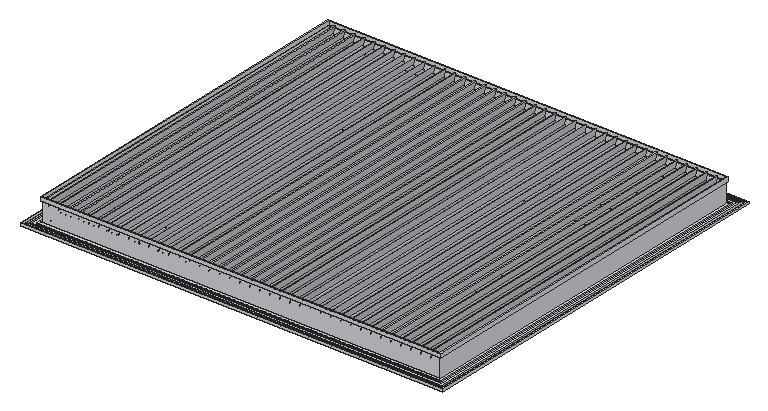
Revit family "TCC", category Air Terminals, Revit 2012
Parameters (values of type "TCC-30-27")
  b = Horizontal - 9/16"  # 29 7/16"
  a = Vertical - 9/16"  # 26 7/16"
  Vertical = 27"
  URL = "http://www.innes.com.mx"
  Separacion vertical = 3/4"
  Separacion = 31/64"
  No. de elementos vertical = Largo aleta / Separacion vertical  # 39
  No. de elementos horizontales = Largo rejilla / Separacion  # 54
  Mínima velocidad de cuello = 0 FPM
  Mínima presión estática = 0.00 in-wg
  Máximo nivel de ruido (NC) = ""
  Máxima velocidad de cuello = 0 FPM
  Máxima presión estática = 0.00 in-wg
  Material = ""
  Manufacturer = "INNES"
  Largo rejilla = a - 11/32"  # 26 3/32"
  Largo aleta = b - 17/32"  # 28 29/32"
  Horizontal = 30"
  Cuello = ""
  B = Horizontal + 1 7/16"  # 31 7/16"
  A = Vertical + 1 7/16"  # 28 7/16"
Types (5): name | b | a | Vertical | No. de elementos vertical | No. de elementos horizontales | Largo rejilla | Largo aleta | Horizontal | B | A
  (no name) | 29 7/16" | 26 7/16" | 27" | 39 | 54 | 26 3/32" | 28 29/32" | 30" | 31 7/16" | 28 7/16"
  TCC-10-7 | 9 7/16" | 6 7/16" | 7" | 12 | 13 | 6 3/32" | 8 29/32" | 10" | 11 7/16" | 8 7/16"
  TCC-20-10 | 19 7/16" | 9 7/16" | 10" | 25 | 19 | 9 3/32" | 18 29/32" | 20" | 21 7/16" | 11 7/16"
  TCC-120-12 | 119 7/16" | 11 7/16" | 12" | 159 | 23 | 11 3/32" | 118 29/32" | 120" | 121 7/16" | 13 7/16"
  TCC-30-27 | 29 7/16" | 26 7/16" | 27" | 39 | 54 | 26 3/32" | 28 29/32" | 30" | 31 7/16" | 28 7/16"
Reference planes (in)
  plane 1 "Center (Front/Back)": y = 0
  plane 2: z = 0
  plane 3 "Center (Left/Right)": x = 0
  plane 4: y = 13.5
  plane 5: y = -13.5
  plane 6: x = -15
  plane 7: x = 15
  plane 8: x = 15.71875
  plane 9: x = -15.71875
  plane 10: y = -14.21875
  plane 11: y = 14.21875
  plane 12: x = -14.71875
  plane 13: x = 14.71875
  plane 14: y = 13.21875
  plane 15: y = -13.21875
  plane 16: z = 1.875
  plane 17: z = 0.17187
  plane 18: z = 1.625
  plane 19: y = 13.39062
  plane 20: y = 13.04687
  plane 21: y = -13.04688
  plane 22: x = -14.45312
  plane 23: z = 1.14062
  plane 24: x = 14.45313
Forms (in)
  Sweep 1, solid
    path origin (0, 0, 0) x (1, 0, 0) y (0, 1, 0)
      loop
        line (-15, 13.5) -> (-15, -13.5) -> (15, -13.5) -> (15, 13.5) -> (-15, 13.5)
    profile origin (0, 13.5, 0) x (0, 1, 0) y (0, 0, 1)
      loop
        line (-0.28125, 0) -> (0.71875, 0) -> (0.71875, 0.17188) -> (0.65625, 0.17188) -> (0.65625, 0.0625) -> (0.58658, 0.0625)
        arc (0.58658, 0.0625) -> (0.56976, 0.07932) -> (0.55294, 0.0625) r 0.01682
        line (0.55294, 0.0625) -> (0.44963, 0.0625) -> (0.44963, 0.16077) -> (0.32009, 0.16077) -> (0.32009, 0.09884) -> (0.39809, 0.09884) -> (0.39809, 0.0625) -> (-0.05784, 0.0625) -> (-0.05784, 0.09884) -> (0.02017, 0.09884) -> (0.02017, 0.16077) -> (-0.10938, 0.16077) -> (-0.10938, 0.0625) -> (-0.21875, 0.0625) -> (-0.21875, 1.5625) -> (-0.10938, 1.5625) -> (-0.10938, 1.875) -> (-0.17188, 1.875) -> (-0.17188, 1.625) -> (-0.28125, 1.625) -> (-0.28125, 0)
Dimensions and locks (in)
  equal spacing: plane 6, plane 3 "Center (Left/Right)", plane 7
  equal spacing: plane 4, plane 1 "Center (Front/Back)", plane 5
  "Horizontal": plane 6 to plane 7
  "Vertical": plane 4 to plane 5
  equal spacing: plane 9, plane 3 "Center (Left/Right)", plane 8
  "B": plane 9 to plane 8
  equal spacing: plane 11, plane 1 "Center (Front/Back)", plane 10
  "A": plane 11 to plane 10
  equal spacing: plane 14, plane 1 "Center (Front/Back)", plane 15
  "a": plane 14 to plane 15
  equal spacing: plane 12, plane 3 "Center (Left/Right)", plane 13
  "b": plane 12 to plane 13
  locked: plane 16 to level at 1.875
  locked: plane 17 to level at 0.17188
  plane 16 to plane 18 = 1/4"
  locked: plane 19 to plane 14 at 0.17188
  equal spacing: group 1, group 2, group 3, group 4, group 5, group 6, group 7, group 8, group 9, group 10, group 11, group 12, group 25, group 26, group 27, group 28, group 29, group 30, group 31, group 45, group 46, group 47, group 48, group 63, group 64, group 65, group 66, group 67, group 68, group 69, group 70, group 71, group 72, group 73, group 74, group 75, group 76, group 77, group 78, group 79, group 80, group 81, group 82, group 83, group 84, group 85, group 86, group 87, group 88, group 89, group 90, group 91, group 92, group 93  (x2)
  equal spacing: group 93, group 92, group 91, group 90, group 89, group 88, group 87, group 86, group 85, group 84, group 83, group 82, group 81, group 80, group 79, group 78, group 77, group 76, group 75, group 74, group 73, group 72, group 71, group 70, group 69, group 68, group 67, group 66, group 65, group 64, group 63, group 48, group 47, group 46, group 45, group 31, group 30, group 29, group 28, group 27, group 26, group 25, group 12, group 11, group 10, group 9, group 8, group 7, group 6, group 5, group 4, group 3, group 2, group 1
  equal spacing: plane 20, plane 1 "Center (Front/Back)", plane 21
  "Largo rejilla": plane 20 to plane 21
  locked: plane 23 to level at 1.14063
  equal spacing: group 13, group 14, group 15, group 16, group 17, group 18, group 19, group 20, group 21, group 22, group 23, group 24, group 32, group 33, group 34, group 35, group 36, group 37, group 38, group 39, group 40, group 41, group 42, group 43, group 44, group 49, group 50, group 51, group 52, group 53, group 54, group 55, group 56, group 57, group 58, group 59, group 60, group 61, group 62  (x3)
  "Separacion vertical": nested 14 to nested 13
  equal spacing: plane 24, plane 3 "Center (Left/Right)", plane 22
  "Largo aleta": plane 24 to plane 22
  "Separacion": nested 1 to nested 2
  aligned and locked: plane 2 to level
  aligned and locked: Sweep 1 sketch curve to plane 4
  aligned and locked: plane 6 to Sweep 1 sketch curve
  aligned and locked: plane 5 to Sweep 1 sketch curve
  aligned and locked: Sweep 1 sketch curve to plane 7
  aligned and locked: Sweep 1 sketch curve to Sweep 1 sketch curve
  aligned and locked: Sweep 1 sketch curve to plane 14
  aligned and locked: Sweep 1 sketch curve to plane 16
  aligned and locked: Sweep 1 sketch curve to plane 19
  aligned and locked: Sweep 1 sketch curve to plane 11
  aligned and locked: profile plane to Sweep 1 sketch curve
  aligned and locked: Sweep 1 sketch curve to plane 18
  aligned and locked: nested 1 to plane 20
  aligned and locked: Sweep 1 to plane 12
  aligned and locked: Sweep 1 to plane 13
  aligned and locked: plane 22 to nested 13
  aligned and locked: Sweep 1 to plane 15
  aligned and locked: Sweep 1 to plane 14
  aligned and locked: plane 14 to nested 13
  aligned and locked: plane 14 to nested 14
  aligned and locked: plane 15 to nested 13
  aligned and locked: plane 15 to nested 14
Automatic sketch dimensions
  Sweep 1 sketch curve to plane 19 = 0"
  Sweep 1 sketch curve to plane 17 = 0"
  plane 19 to Sweep 1 sketch curve = 1/16"
  Sweep 1 sketch curve to Sweep 1 sketch curve = 1/16"  (x2)
  Sweep 1 sketch curve to plane 19 = 0.05154"
  Sweep 1 sketch curve to profile plane = 0.02017"
  Sweep 1 sketch curve to plane 17 = 0.01111"  (x2)
  Sweep 1 sketch curve to Sweep 1 sketch curve = 0.07801"
  Sweep 1 sketch curve to Sweep 1 sketch curve = 0.05154"
  Sweep 1 sketch curve to Sweep 1 sketch curve = 0.10331"
  Sweep 1 sketch curve to Sweep 1 sketch curve = 0.01682"
  Sweep 1 sketch curve to Sweep 1 sketch curve = 0.06967"
  level to Sweep 1 sketch curve = 1/16"
  Sweep 1 sketch curve to Sweep 1 sketch curve = 0"
  Sweep 1 sketch curve to Sweep 1 sketch curve = 0.03634"
  Sweep 1 sketch curve to Sweep 1 sketch curve = 0.06193"
  Sweep 1 sketch curve to plane 18 = 1/16"
Nested families (in)
  nested 1: "Rejilla TCC" at (0, 13.04687, 0.0625) x (-1, 0, 0) z (0, 0, 1), type "Rejilla TCC"
    with b 29 7/16"
  nested 2: "Rejilla TCC" at (0, 12.5625, 0.0625) x (-1, 0, 0) z (0, 0, 1), type "Rejilla TCC"
    with b 29 7/16"
  nested 3: "Rejilla TCC" at (0, 12.07812, 0.0625) x (-1, 0, 0) z (0, 0, 1), type "Rejilla TCC"
    with b 29 7/16"
  nested 4: "Rejilla TCC" at (0, 11.59375, 0.0625) x (-1, 0, 0) z (0, 0, 1), type "Rejilla TCC"
    with b 29 7/16"
  nested 5: "Rejilla TCC" at (0, 11.10937, 0.0625) x (-1, 0, 0) z (0, 0, 1), type "Rejilla TCC"
    with b 29 7/16"
  nested 6: "Rejilla TCC" at (0, 10.625, 0.0625) x (-1, 0, 0) z (0, 0, 1), type "Rejilla TCC"
    with b 29 7/16"
  nested 7: "Rejilla TCC" at (0, 10.14062, 0.0625) x (-1, 0, 0) z (0, 0, 1), type "Rejilla TCC"
    with b 29 7/16"
  nested 8: "Rejilla TCC" at (0, 9.65625, 0.0625) x (-1, 0, 0) z (0, 0, 1), type "Rejilla TCC"
    with b 29 7/16"
  nested 9: "Rejilla TCC" at (0, 9.17187, 0.0625) x (-1, 0, 0) z (0, 0, 1), type "Rejilla TCC"
    with b 29 7/16"
  nested 10: "Rejilla TCC" at (0, 8.6875, 0.0625) x (-1, 0, 0) z (0, 0, 1), type "Rejilla TCC"
    with b 29 7/16"
  nested 11: "Rejilla TCC" at (0, 8.20312, 0.0625) x (-1, 0, 0) z (0, 0, 1), type "Rejilla TCC"
    with b 29 7/16"
  nested 12: "Rejilla TCC" at (0, 7.71875, 0.0625) x (-1, 0, 0) z (0, 0, 1), type "Rejilla TCC"
    with b 29 7/16"
  nested 13: "Rejilla aleta" at (-14.45313, 0, 1.14062) x (0, 1, 0) z (0, 0, 1), type "Rejilla aleta"
    with a 26 7/16"
  nested 14: "Rejilla aleta" at (-13.70313, 0, 1.14062) x (0, 1, 0) z (0, 0, 1), type "Rejilla aleta"
    with a 26 7/16"
  nested 15: "Rejilla aleta" at (-12.95312, 0, 1.14062) x (0, 1, 0) z (0, 0, 1), type "Rejilla aleta"
    with a 26 7/16"
  nested 16: "Rejilla aleta" at (-12.20312, 0, 1.14062) x (0, 1, 0) z (0, 0, 1), type "Rejilla aleta"
    with a 26 7/16"
  nested 17: "Rejilla aleta" at (-11.45312, 0, 1.14062) x (0, 1, 0) z (0, 0, 1), type "Rejilla aleta"
    with a 26 7/16"
  nested 18: "Rejilla aleta" at (-10.70312, 0, 1.14062) x (0, 1, 0) z (0, 0, 1), type "Rejilla aleta"
    with a 26 7/16"
  nested 19: "Rejilla aleta" at (-9.95312, 0, 1.14062) x (0, 1, 0) z (0, 0, 1), type "Rejilla aleta"
    with a 26 7/16"
  nested 20: "Rejilla aleta" at (-9.20312, 0, 1.14062) x (0, 1, 0) z (0, 0, 1), type "Rejilla aleta"
    with a 26 7/16"
  nested 21: "Rejilla aleta" at (-8.45312, 0, 1.14062) x (0, 1, 0) z (0, 0, 1), type "Rejilla aleta"
    with a 26 7/16"
  nested 22: "Rejilla aleta" at (-7.70312, 0, 1.14062) x (0, 1, 0) z (0, 0, 1), type "Rejilla aleta"
    with a 26 7/16"
  nested 23: "Rejilla aleta" at (-6.95312, 0, 1.14062) x (0, 1, 0) z (0, 0, 1), type "Rejilla aleta"
    with a 26 7/16"
  nested 24: "Rejilla aleta" at (-6.20312, 0, 1.14062) x (0, 1, 0) z (0, 0, 1), type "Rejilla aleta"
    with a 26 7/16"
  nested 25: "Rejilla TCC" at (0, 7.23437, 0.0625) x (-1, 0, 0) z (0, 0, 1), type "Rejilla TCC"
    with b 29 7/16"
  nested 26: "Rejilla TCC" at (0, 6.75, 0.0625) x (-1, 0, 0) z (0, 0, 1), type "Rejilla TCC"
    with b 29 7/16"
  nested 27: "Rejilla TCC" at (0, 6.26562, 0.0625) x (-1, 0, 0) z (0, 0, 1), type "Rejilla TCC"
    with b 29 7/16"
  nested 28: "Rejilla TCC" at (0, 5.78125, 0.0625) x (-1, 0, 0) z (0, 0, 1), type "Rejilla TCC"
    with b 29 7/16"
  nested 29: "Rejilla TCC" at (0, 5.29687, 0.0625) x (-1, 0, 0) z (0, 0, 1), type "Rejilla TCC"
    with b 29 7/16"
  nested 30: "Rejilla TCC" at (0, 4.8125, 0.0625) x (-1, 0, 0) z (0, 0, 1), type "Rejilla TCC"
    with b 29 7/16"
  nested 31: "Rejilla TCC" at (0, 4.32812, 0.0625) x (-1, 0, 0) z (0, 0, 1), type "Rejilla TCC"
    with b 29 7/16"
  nested 32: "Rejilla aleta" at (-5.45312, 0, 1.14062) x (0, 1, 0) z (0, 0, 1), type "Rejilla aleta"
    with a 26 7/16"
  nested 33: "Rejilla aleta" at (-4.70312, 0, 1.14062) x (0, 1, 0) z (0, 0, 1), type "Rejilla aleta"
    with a 26 7/16"
  nested 34: "Rejilla aleta" at (-3.95312, 0, 1.14062) x (0, 1, 0) z (0, 0, 1), type "Rejilla aleta"
    with a 26 7/16"
  nested 35: "Rejilla aleta" at (-3.20312, 0, 1.14062) x (0, 1, 0) z (0, 0, 1), type "Rejilla aleta"
    with a 26 7/16"
  nested 36: "Rejilla aleta" at (-2.45312, 0, 1.14062) x (0, 1, 0) z (0, 0, 1), type "Rejilla aleta"
    with a 26 7/16"
  nested 37: "Rejilla aleta" at (-1.70312, 0, 1.14062) x (0, 1, 0) z (0, 0, 1), type "Rejilla aleta"
    with a 26 7/16"
  nested 38: "Rejilla aleta" at (-0.95312, 0, 1.14062) x (0, 1, 0) z (0, 0, 1), type "Rejilla aleta"
    with a 26 7/16"
  nested 39: "Rejilla aleta" at (-0.20312, 0, 1.14062) x (0, 1, 0) z (0, 0, 1), type "Rejilla aleta"
    with a 26 7/16"
  nested 40: "Rejilla aleta" at (0.54688, 0, 1.14062) x (0, 1, 0) z (0, 0, 1), type "Rejilla aleta"
    with a 26 7/16"
  nested 41: "Rejilla aleta" at (1.29688, 0, 1.14062) x (0, 1, 0) z (0, 0, 1), type "Rejilla aleta"
    with a 26 7/16"
  nested 42: "Rejilla aleta" at (2.04688, 0, 1.14062) x (0, 1, 0) z (0, 0, 1), type "Rejilla aleta"
    with a 26 7/16"
  nested 43: "Rejilla aleta" at (2.79688, 0, 1.14062) x (0, 1, 0) z (0, 0, 1), type "Rejilla aleta"
    with a 26 7/16"
  nested 44: "Rejilla aleta" at (3.54688, 0, 1.14062) x (0, 1, 0) z (0, 0, 1), type "Rejilla aleta"
    with a 26 7/16"
  nested 45: "Rejilla TCC" at (0, 3.84375, 0.0625) x (-1, 0, 0) z (0, 0, 1), type "Rejilla TCC"
    with b 29 7/16"
  nested 46: "Rejilla TCC" at (0, 3.35937, 0.0625) x (-1, 0, 0) z (0, 0, 1), type "Rejilla TCC"
    with b 29 7/16"
  nested 47: "Rejilla TCC" at (0, 2.875, 0.0625) x (-1, 0, 0) z (0, 0, 1), type "Rejilla TCC"
    with b 29 7/16"
  nested 48: "Rejilla TCC" at (0, 2.39062, 0.0625) x (-1, 0, 0) z (0, 0, 1), type "Rejilla TCC"
    with b 29 7/16"
  nested 49: "Rejilla aleta" at (4.29688, 0, 1.14062) x (0, 1, 0) z (0, 0, 1), type "Rejilla aleta"
    with a 26 7/16"
  nested 50: "Rejilla aleta" at (5.04688, 0, 1.14062) x (0, 1, 0) z (0, 0, 1), type "Rejilla aleta"
    with a 26 7/16"
  nested 51: "Rejilla aleta" at (5.79688, 0, 1.14062) x (0, 1, 0) z (0, 0, 1), type "Rejilla aleta"
    with a 26 7/16"
  nested 52: "Rejilla aleta" at (6.54688, 0, 1.14062) x (0, 1, 0) z (0, 0, 1), type "Rejilla aleta"
    with a 26 7/16"
  nested 53: "Rejilla aleta" at (7.29688, 0, 1.14062) x (0, 1, 0) z (0, 0, 1), type "Rejilla aleta"
    with a 26 7/16"
  nested 54: "Rejilla aleta" at (8.04688, 0, 1.14062) x (0, 1, 0) z (0, 0, 1), type "Rejilla aleta"
    with a 26 7/16"
  nested 55: "Rejilla aleta" at (8.79688, 0, 1.14062) x (0, 1, 0) z (0, 0, 1), type "Rejilla aleta"
    with a 26 7/16"
  nested 56: "Rejilla aleta" at (9.54688, 0, 1.14062) x (0, 1, 0) z (0, 0, 1), type "Rejilla aleta"
    with a 26 7/16"
  nested 57: "Rejilla aleta" at (10.29688, 0, 1.14062) x (0, 1, 0) z (0, 0, 1), type "Rejilla aleta"
    with a 26 7/16"
  nested 58: "Rejilla aleta" at (11.04688, 0, 1.14062) x (0, 1, 0) z (0, 0, 1), type "Rejilla aleta"
    with a 26 7/16"
  nested 59: "Rejilla aleta" at (11.79688, 0, 1.14062) x (0, 1, 0) z (0, 0, 1), type "Rejilla aleta"
    with a 26 7/16"
  nested 60: "Rejilla aleta" at (12.54688, 0, 1.14062) x (0, 1, 0) z (0, 0, 1), type "Rejilla aleta"
    with a 26 7/16"
  nested 61: "Rejilla aleta" at (13.29688, 0, 1.14062) x (0, 1, 0) z (0, 0, 1), type "Rejilla aleta"
    with a 26 7/16"
  nested 62: "Rejilla aleta" at (14.04688, 0, 1.14062) x (0, 1, 0) z (0, 0, 1), type "Rejilla aleta"
    with a 26 7/16"
  nested 63: "Rejilla TCC" at (0, 1.90625, 0.0625) x (-1, 0, 0) z (0, 0, 1), type "Rejilla TCC"
    with b 29 7/16"
  nested 64: "Rejilla TCC" at (0, 1.42187, 0.0625) x (-1, 0, 0) z (0, 0, 1), type "Rejilla TCC"
    with b 29 7/16"
  nested 65: "Rejilla TCC" at (0, 0.9375, 0.0625) x (-1, 0, 0) z (0, 0, 1), type "Rejilla TCC"
    with b 29 7/16"
  nested 66: "Rejilla TCC" at (0, 0.45312, 0.0625) x (-1, 0, 0) z (0, 0, 1), type "Rejilla TCC"
    with b 29 7/16"
  nested 67: "Rejilla TCC" at (0, -0.03125, 0.0625) x (-1, 0, 0) z (0, 0, 1), type "Rejilla TCC"
    with b 29 7/16"
  nested 68: "Rejilla TCC" at (0, -0.51563, 0.0625) x (-1, 0, 0) z (0, 0, 1), type "Rejilla TCC"
    with b 29 7/16"
  nested 69: "Rejilla TCC" at (0, -1, 0.0625) x (-1, 0, 0) z (0, 0, 1), type "Rejilla TCC"
    with b 29 7/16"
  nested 70: "Rejilla TCC" at (0, -1.48438, 0.0625) x (-1, 0, 0) z (0, 0, 1), type "Rejilla TCC"
    with b 29 7/16"
  nested 71: "Rejilla TCC" at (0, -1.96875, 0.0625) x (-1, 0, 0) z (0, 0, 1), type "Rejilla TCC"
    with b 29 7/16"
  nested 72: "Rejilla TCC" at (0, -2.45313, 0.0625) x (-1, 0, 0) z (0, 0, 1), type "Rejilla TCC"
    with b 29 7/16"
  nested 73: "Rejilla TCC" at (0, -2.9375, 0.0625) x (-1, 0, 0) z (0, 0, 1), type "Rejilla TCC"
    with b 29 7/16"
  nested 74: "Rejilla TCC" at (0, -3.42188, 0.0625) x (-1, 0, 0) z (0, 0, 1), type "Rejilla TCC"
    with b 29 7/16"
  nested 75: "Rejilla TCC" at (0, -3.90625, 0.0625) x (-1, 0, 0) z (0, 0, 1), type "Rejilla TCC"
    with b 29 7/16"
  nested 76: "Rejilla TCC" at (0, -4.39063, 0.0625) x (-1, 0, 0) z (0, 0, 1), type "Rejilla TCC"
    with b 29 7/16"
  nested 77: "Rejilla TCC" at (0, -4.875, 0.0625) x (-1, 0, 0) z (0, 0, 1), type "Rejilla TCC"
    with b 29 7/16"
  nested 78: "Rejilla TCC" at (0, -5.35938, 0.0625) x (-1, 0, 0) z (0, 0, 1), type "Rejilla TCC"
    with b 29 7/16"
  nested 79: "Rejilla TCC" at (0, -5.84375, 0.0625) x (-1, 0, 0) z (0, 0, 1), type "Rejilla TCC"
    with b 29 7/16"
  nested 80: "Rejilla TCC" at (0, -6.32813, 0.0625) x (-1, 0, 0) z (0, 0, 1), type "Rejilla TCC"
    with b 29 7/16"
  nested 81: "Rejilla TCC" at (0, -6.8125, 0.0625) x (-1, 0, 0) z (0, 0, 1), type "Rejilla TCC"
    with b 29 7/16"
  nested 82: "Rejilla TCC" at (0, -7.29688, 0.0625) x (-1, 0, 0) z (0, 0, 1), type "Rejilla TCC"
    with b 29 7/16"
  nested 83: "Rejilla TCC" at (0, -7.78125, 0.0625) x (-1, 0, 0) z (0, 0, 1), type "Rejilla TCC"
    with b 29 7/16"
  nested 84: "Rejilla TCC" at (0, -8.26563, 0.0625) x (-1, 0, 0) z (0, 0, 1), type "Rejilla TCC"
    with b 29 7/16"
  nested 85: "Rejilla TCC" at (0, -8.75, 0.0625) x (-1, 0, 0) z (0, 0, 1), type "Rejilla TCC"
    with b 29 7/16"
  nested 86: "Rejilla TCC" at (0, -9.23438, 0.0625) x (-1, 0, 0) z (0, 0, 1), type "Rejilla TCC"
    with b 29 7/16"
  nested 87: "Rejilla TCC" at (0, -9.71875, 0.0625) x (-1, 0, 0) z (0, 0, 1), type "Rejilla TCC"
    with b 29 7/16"
  nested 88: "Rejilla TCC" at (0, -10.20313, 0.0625) x (-1, 0, 0) z (0, 0, 1), type "Rejilla TCC"
    with b 29 7/16"
  nested 89: "Rejilla TCC" at (0, -10.6875, 0.0625) x (-1, 0, 0) z (0, 0, 1), type "Rejilla TCC"
    with b 29 7/16"
  nested 90: "Rejilla TCC" at (0, -11.17188, 0.0625) x (-1, 0, 0) z (0, 0, 1), type "Rejilla TCC"
    with b 29 7/16"
  nested 91: "Rejilla TCC" at (0, -11.65625, 0.0625) x (-1, 0, 0) z (0, 0, 1), type "Rejilla TCC"
    with b 29 7/16"
  nested 92: "Rejilla TCC" at (0, -12.14063, 0.0625) x (-1, 0, 0) z (0, 0, 1), type "Rejilla TCC"
    with b 29 7/16"
  nested 93: "Rejilla TCC" at (0, -12.625, 0.0625) x (-1, 0, 0) z (0, 0, 1), type "Rejilla TCC"
    with b 29 7/16"
Connectors (in)
  hvac at (0, 0, 0.09884), driven by "Vertical", driven by "Horizontal"
    settings: on Sweep 1, index 1, duct flow 0 CFM, flow factor 0, pres drop 0.00 in-wg, loss coef 0, conn angle 0.00°, conn width 30", conn height 27", conn radius 12", duct sys type 1, conn prof type 1, flow config 0, flow direction 0, loss method 0, conn ref index -1, conn util no, is conn primary yes, conn desc ""
Definition of nested family "Rejilla TCC"
  Parameters (values of type "Rejilla TCC")
    b = 9 7/16"
    Ancho = 9/32"
  Reference planes (in)
    plane 1 "Center (Front/Back)": y = 0
    plane 2: z = 0
    plane 3 "Center (Left/Right)": x = 0
    plane 4: x = -4.71875
    plane 5: x = 4.71875
    plane 6: z = 0.75
    plane 7: y = -0.14063
    plane 8: y = 0.14062
    plane 9: z = 0.42187
    plane 10: z = 0.34375
  Forms (in)
    Sweep 1, solid
      path origin (0, 0, 0) x (1, 0, 0) y (0, 1, 0)
        loop
          line (-4.71875, 0) -> (4.71875, 0)
      profile origin (0, 0, 0) x (0, 1, 0) y (0, 0, 1)
        loop
          line (-0.02486, 0) -> (0.19296, 0)
          arc (0.19296, 0) -> (0.21717, 0.01194) -> (0.22244, 0.03842) r 0.03052
          line (0.22244, 0.03842) -> (0.14648, 0.32189)
          arc (0.14648, 0.32189) -> (0.13595, 0.33765) -> (0.11799, 0.34375) r 0.0295
          line (0.11799, 0.34375) -> (0.04786, 0.34375) -> (0.03125, 0.42188) -> (0.03125, 0.73072)
          arc (0.03125, 0.73072) -> (0, 0.75) -> (-0.03125, 0.73072) r 0.03497
          line (-0.03125, 0.73072) -> (-0.03125, 0.42188) -> (-0.04786, 0.34375) -> (-0.10014, 0.34375)
          arc (-0.10014, 0.34375) -> (-0.12479, 0.3316) -> (-0.13015, 0.30465) r 0.03106
          line (-0.13015, 0.30465) -> (-0.05464, 0.02286)
          arc (-0.05464, 0.02286) -> (-0.04363, 0.00637) -> (-0.02486, 0) r 0.03084
  Dimensions and locks (in)
    equal spacing: plane 4, plane 3 "Center (Left/Right)", plane 5, locked at 4.71875 each
    "b": plane 4 to plane 5
    locked: plane 6 to level at 0.75
    equal spacing: plane 8, plane 1 "Center (Front/Back)", plane 7
    "Ancho": plane 8 to plane 7
    locked: plane 9 to level at 0.42188
    locked: plane 10 to level at 0.34375
    aligned and locked: plane 2 to level
  Automatic sketch dimensions
    plane 1 "Center (Front/Back)" to Sweep 1 sketch curve = 0"
    Sweep 1 sketch curve to plane 4 = 0"
    Sweep 1 sketch curve to plane 5 = 0"
    Sweep 1 sketch curve to plane 10 = 0"  (x2)
    Sweep 1 sketch curve to plane 9 = 0"  (x2)
    Sweep 1 sketch curve to level = 0"
    Sweep 1 sketch curve to profile plane = 0"
    profile plane to Sweep 1 sketch curve = 0.02486"
    profile plane to Sweep 1 sketch curve = 1/32"
    profile plane to Sweep 1 sketch curve = 0.04786"
    level to Sweep 1 sketch curve = 0.02286"
    Sweep 1 sketch curve to Sweep 1 sketch curve = 0.02979"
    Sweep 1 sketch curve to Sweep 1 sketch curve = 0.05229"
    Sweep 1 sketch curve to plane 10 = 0.0391"
    Sweep 1 sketch curve to Sweep 1 sketch curve = 0.03"
    Sweep 1 sketch curve to profile plane = 1/32"
    Sweep 1 sketch curve to profile plane = 0.04786"
    Sweep 1 sketch curve to plane 10 = 0.0295"
    Sweep 1 sketch curve to Sweep 1 sketch curve = 0.07014"
    Sweep 1 sketch curve to plane 10 = 0.02186"
    Sweep 1 sketch curve to profile plane = 0.19296"
    level to Sweep 1 sketch curve = 0.03842"
    Sweep 1 sketch curve to Sweep 1 sketch curve = 0.02948"
    plane 9 to Sweep 1 sketch curve = 0.29316"
    Sweep 1 sketch curve to Sweep 1 sketch curve = 0.01569"
Definition of nested family "Rejilla aleta"
  Parameters (values of type "Rejilla aleta")
    a = 6 7/16"
  Reference planes (in)
    plane 1 "Center (Front/Back)": y = 0
    plane 2: z = 0
    plane 3 "Center (Left/Right)": x = 0
    plane 4: x = 3.21875
    plane 5: x = -3.21875
    plane 6: z = 0.6875
  Forms (in)
    Sweep 1, solid
      path origin (0, 0, 0) x (1, 0, 0) y (0, 1, 0)
        loop
          line (-3.21875, 0) -> (3.21875, 0)
      profile origin (0, 0, 0) x (0, 1, 0) y (0, 0, 1)
        loop
          arc (-0.02344, 0.09077) -> (0, -0.09375) -> (0.02344, 0.09077) r 0.09375
          line (0.02344, 0.09077) -> (-0.11197, 0.61794)
          arc (-0.11197, 0.61794) -> (-0.14046, 0.63476) -> (-0.15724, 0.60625) r 0.02338
          line (-0.15724, 0.60625) -> (-0.02344, 0.09077)
  Dimensions and locks (in)
    equal spacing: plane 5, plane 3 "Center (Left/Right)", plane 4
    "a": plane 5 to plane 4
    locked: plane 6 to level at 0.6875
    aligned and locked: plane 2 to level
  Automatic sketch dimensions
    plane 1 "Center (Front/Back)" to Sweep 1 sketch curve = 0"
    Sweep 1 sketch curve to plane 5 = 0"
    Sweep 1 sketch curve to plane 4 = 0"
    Sweep 1 sketch curve to level = 0"
    Sweep 1 sketch curve to profile plane = 0"
    profile plane to Sweep 1 sketch curve = 3/128"
    profile plane to Sweep 1 sketch curve = 0.11197"
    Sweep 1 sketch curve to Sweep 1 sketch curve = 0.02265"
    Sweep 1 sketch curve to Sweep 1 sketch curve = 0.02263"
    Sweep 1 sketch curve to profile plane = 3/128"
    level to Sweep 1 sketch curve = 0.09077"
    Sweep 1 sketch curve to Sweep 1 sketch curve = 0.51548"
    Sweep 1 sketch curve to Sweep 1 sketch curve = 0.00587"
